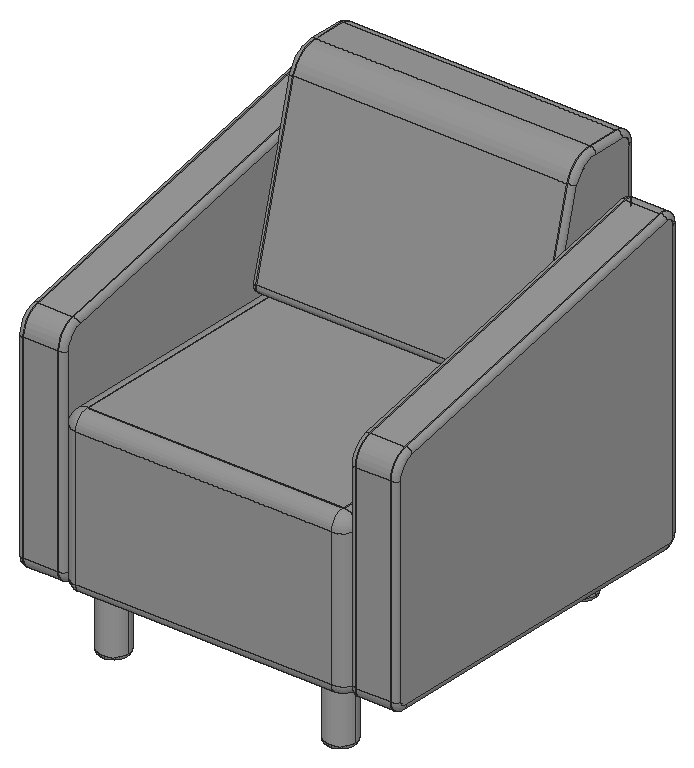
Revit family "7000CLR Single Chair Both Arms - Kids", category Generic Models, Revit 2018
Family settings
  Can host rebar = No
  Round Connector Dimension = Use Diameter
  Part Type = Normal
  Work Plane-Based = No
  Always vertical = Yes
  Cut with Voids When Loaded = No
  Shared = No
  Room Calculation Point = No
Parameters
  Top Fabric = 7000CLR Top Fabric
  Bottom Fabric = 7000CLR Bottom Fabric
  Arm Fabric = 7000CLR Arm Fabric
Reference planes (in)
  plane 1 "Center (Front/Back)": y = 0
  plane 2: z = 0
  plane 3 "Center (Left/Right)": x = 0
Forms (in)
  Extrusion 1, solid, material "7000CLR Bottom Fabric" <- "Bottom Fabric"
    sketch origin (0, 0, 0) x (1, 0, 0) y (0, 1, 0)
      loop
        arc (-8.72909, 11.25066) -> (-8.74388, 11.24454) -> (-8.75, 11.22975) r 0.02091
        line (-8.75, 11.22975) -> (-8.75, -11.22975)
        arc (-8.75, -11.22975) -> (-8.74426, -11.2436) -> (-8.73041, -11.24934) r 0.01959
        line (-8.73041, -11.24934) -> (8.73041, -11.24934)
        arc (8.73041, -11.24934) -> (8.74426, -11.2436) -> (8.75, -11.22975) r 0.01959
        line (8.75, -11.22975) -> (8.75, 11.22975)
        arc (8.75, 11.22975) -> (8.74388, 11.24454) -> (8.72909, 11.25066) r 0.02091
        line (8.72909, 11.25066) -> (-8.72909, 11.25066)
    from 4 to 15
  Sweep 2, solid, material "7000CLR Bottom Fabric" <- "Bottom Fabric"
    path origin (0, 0, 0) x (1, 0, 0) y (0, 1, 0)
      loop
        line (8.72909, 11.25066) -> (-8.72909, 11.25066)
        arc (-8.72909, 11.25066) -> (-8.74388, 11.24454) -> (-8.75, 11.22975) r 0.02091
        line (-8.75, 11.22975) -> (-8.75, -11.22975)
        arc (-8.75, -11.22975) -> (-8.74426, -11.2436) -> (-8.73041, -11.24934) r 0.01959
        line (-8.73041, -11.24934) -> (8.73041, -11.24934)
        arc (8.73041, -11.24934) -> (8.74426, -11.2436) -> (8.75, -11.22975) r 0.01959
        line (8.75, -11.22975) -> (8.75, 11.22975)
        arc (8.75, 11.22975) -> (8.74388, 11.24454) -> (8.72909, 11.25066) r 0.02091
    profile origin (0, 11.25066, 0) x (0, -1, 0) y (0, 0, 1)
      loop
        arc (0, 15) -> (-0.70711, 14.70711) -> (-1, 14) r 1
        line (-1, 14) -> (-1, 4.61745)
        arc (-1, 4.61745) -> (-0.85933, 4.22019) -> (-0.5, 4) r 0.63124
        line (-0.5, 4) -> (0, 4) -> (0, 15)
  Revolve 3, solid, material "7000C Frame"
    sketch origin (0, -10.24934, 0) x (1, 0, 0) y (0, 0, 1)
      loop
        line (-7.75, 4) -> (-7.75, 0) -> (-6.95, 0)
        arc (-6.95, 0) -> (-6.80858, 0.05858) -> (-6.75, 0.2) r 0.2
        line (-6.75, 0.2) -> (-6.75, 4) -> (-7.75, 4)
      axis (-7.75, 4) -> (-7.75, 0)
    angle from 0 to 360
  Revolve 4, solid, material "7000C Frame"
    sketch origin (0, -10.24934, 0) x (-1, 0, 0) y (0, 0, -1)
      loop
        line (-7.75, -4) -> (-6.75, -4) -> (-6.75, -0.2)
        arc (-6.75, -0.2) -> (-6.80858, -0.05858) -> (-6.95, 0) r 0.2
        line (-6.95, 0) -> (-7.75, 0) -> (-7.75, -4)
      axis (-7.75, -4) -> (-7.75, 0)
    angle from 0 to 360
  Revolve 5, solid, material "7000C Frame"
    sketch origin (0, 10.24934, 0) x (1, 0, 0) y (0, 0, -1)
      loop
        line (-7.75, -4) -> (-6.75, -4) -> (-6.75, -0.2)
        arc (-6.75, -0.2) -> (-6.80858, -0.05858) -> (-6.95, 0) r 0.2
        line (-6.95, 0) -> (-7.75, 0) -> (-7.75, -4)
      axis (-7.75, -4) -> (-7.75, 0)
    angle from 0 to 360
  Revolve 6, solid, material "7000C Frame"
    sketch origin (0, 10.24934, 0) x (-1, 0, 0) y (0, 0, 1)
      loop
        line (-7.75, 4) -> (-7.75, 0) -> (-6.95, 0)
        arc (-6.95, 0) -> (-6.80858, 0.05858) -> (-6.75, 0.2) r 0.2
        line (-6.75, 0.2) -> (-6.75, 4) -> (-7.75, 4)
      axis (-7.75, 4) -> (-7.75, 0)
    angle from 0 to 360
  Extrusion 7, solid, material "7000CLR Top Fabric" <- "Top Fabric"
    sketch origin (0, 0, 0) x (0, 1, 0) y (0, 0, 1)
      loop
        line (12.25066, 15.5) -> (12.25066, 27.5)
        arc (12.25066, 27.5) -> (11.95777, 28.20711) -> (11.25066, 28.5) r 1
        line (11.25066, 28.5) -> (8.98349, 28.5)
        arc (8.98349, 28.5) -> (7.77094, 28.09051) -> (7.05491, 27.02973) r 2
        line (7.05491, 27.02973) -> (3.92437, 15.63243)
        arc (3.92437, 15.63243) -> (4.00889, 15.19686) -> (4.40652, 15) r 0.5
        line (4.40652, 15) -> (11.75066, 15)
        arc (11.75066, 15) -> (12.10421, 15.14645) -> (12.25066, 15.5) r 0.5
    from -9.365 to 9.365
  Extrusion 8, solid, material "7000CLR Top Fabric" <- "Top Fabric"
    sketch origin (0, 0, 0) x (0, 1, 0) y (0, 0, 1)
      loop
        arc (11.75066, 15.4) -> (11.82137, 15.42929) -> (11.85066, 15.5) r 0.1
        line (11.85066, 15.5) -> (11.85066, 27.5)
        arc (11.85066, 27.5) -> (11.67492, 27.92426) -> (11.25066, 28.1) r 0.6
        line (11.25066, 28.1) -> (8.98349, 28.1)
        arc (8.98349, 28.1) -> (8.01345, 27.77241) -> (7.44063, 26.92378) r 1.6
        line (7.44063, 26.92378) -> (4.31009, 15.52649)
        arc (4.31009, 15.52649) -> (4.32699, 15.43937) -> (4.40652, 15.4) r 0.1
        line (4.40652, 15.4) -> (11.75066, 15.4)
    from -9.75 to -9.365
  Sweep 9, solid, material "7000CLR Top Fabric" <- "Top Fabric"
    path origin (0, 0, 0) x (0, 1, 0) y (0, 0, 1)
      loop
        line (11.85066, 15.5) -> (11.85066, 27.5)
        arc (11.85066, 27.5) -> (11.67492, 27.92426) -> (11.25066, 28.1) r 0.6
        line (11.25066, 28.1) -> (8.98349, 28.1)
        arc (8.98349, 28.1) -> (8.01345, 27.77241) -> (7.44063, 26.92378) r 1.6
        line (7.44063, 26.92378) -> (4.31009, 15.52649)
        arc (4.31009, 15.52649) -> (4.32699, 15.43937) -> (4.40652, 15.4) r 0.1
        line (4.40652, 15.4) -> (11.75066, 15.4)
        arc (11.75066, 15.4) -> (11.82137, 15.42929) -> (11.85066, 15.5) r 0.1
    profile origin (0, 11.85066, 21.5) x (0, -1, 0) y (1, 0, 0)
      loop
        arc (-0.4, -9.365) -> (-0.27759, -9.63811) -> (0, -9.75) r 0.40029
        line (0, -9.75) -> (0, -9.365) -> (-0.4, -9.365)
  Extrusion 10, solid, material "7000CLR Top Fabric" <- "Top Fabric"
    sketch origin (0, 0, 0) x (0, 1, 0) y (0, 0, -1)
      loop
        line (11.75066, -15.4) -> (4.40652, -15.4)
        arc (4.40652, -15.4) -> (4.32699, -15.43937) -> (4.31009, -15.52649) r 0.1
        line (4.31009, -15.52649) -> (7.44063, -26.92378)
        arc (7.44063, -26.92378) -> (8.01345, -27.77241) -> (8.98349, -28.1) r 1.6
        line (8.98349, -28.1) -> (11.25066, -28.1)
        arc (11.25066, -28.1) -> (11.67492, -27.92426) -> (11.85066, -27.5) r 0.6
        line (11.85066, -27.5) -> (11.85066, -15.5)
        arc (11.85066, -15.5) -> (11.82137, -15.42929) -> (11.75066, -15.4) r 0.1
    from -9.75 to -9.365
  Sweep 11, solid, material "7000CLR Top Fabric" <- "Top Fabric"
    path origin (0, 0, 0) x (0, 1, 0) y (0, 0, -1)
      loop
        arc (11.85066, -15.5) -> (11.82137, -15.42929) -> (11.75066, -15.4) r 0.1
        line (11.75066, -15.4) -> (4.40652, -15.4)
        arc (4.40652, -15.4) -> (4.32699, -15.43937) -> (4.31009, -15.52649) r 0.1
        line (4.31009, -15.52649) -> (7.44063, -26.92378)
        arc (7.44063, -26.92378) -> (8.01345, -27.77241) -> (8.98349, -28.1) r 1.6
        line (8.98349, -28.1) -> (11.25066, -28.1)
        arc (11.25066, -28.1) -> (11.67492, -27.92426) -> (11.85066, -27.5) r 0.6
        line (11.85066, -27.5) -> (11.85066, -15.5)
    profile origin (0, 11.85066, 21.5) x (0, 1, 0) y (-1, 0, 0)
      loop
        line (0.4, -9.365) -> (0, -9.365) -> (0, -9.75)
        arc (0, -9.75) -> (0.27759, -9.63811) -> (0.4, -9.365) r 0.40029
Dimensions and locks (in)
  aligned and locked: plane 2 to level
Nested families (in)
  nested 1: "Kids Arm" at (11.34716, 0, 0) x (-1, 0, 0) z (0, 0, 1), type "Kids Arm"
  nested 2: "Kids Arm" at (-11.34716, 0, 0), type "Kids Arm"
Definition of nested family "Kids Arm"
  Parameters (values of type "Kids Arm")
    Arm Fabric = none
  Reference planes (in)
    plane 1 "Center (Front/Back)": y = 0
    plane 2: z = 0
    plane 3 "Center (Left/Right)": x = 0
  Forms (in)
    Extrusion 1, solid, material <- "Arm Fabric"
      sketch origin (0, 0, 0) x (0, 1, 0) y (0, 0, 1)
        loop
          line (11.0306, 24.58996) -> (-10.73881, 19.87326)
          arc (-10.73881, 19.87326) -> (-11.64541, 19.31401) -> (-12, 18.30954) r 1.6
          line (-12, 18.30954) -> (-12, 4.8)
          arc (-12, 4.8) -> (-11.76569, 4.23431) -> (-11.2, 4) r 0.8
          line (-11.2, 4) -> (11.2, 4)
          arc (11.2, 4) -> (11.76569, 4.23431) -> (12, 4.8) r 0.8
          line (12, 4.8) -> (12, 23.8081)
          arc (12, 23.8081) -> (11.70223, 24.43081) -> (11.0306, 24.58996) r 0.8
      from -1.19716 to 1.19716
    Extrusion 2, solid, material <- "Arm Fabric"
      sketch origin (0, 0, 0) x (0, 1, 0) y (0, 0, 1)
        loop
          arc (-10.6541, 19.48233) -> (-11.33406, 19.06289) -> (-11.6, 18.30954) r 1.2
          line (-11.6, 18.30954) -> (-11.6, 4.8)
          arc (-11.6, 4.8) -> (-11.48284, 4.51716) -> (-11.2, 4.4) r 0.4
          line (-11.2, 4.4) -> (11.2, 4.4)
          arc (11.2, 4.4) -> (11.48284, 4.51716) -> (11.6, 4.8) r 0.4
          line (11.6, 4.8) -> (11.6, 23.8081)
          arc (11.6, 23.8081) -> (11.45112, 24.11946) -> (11.1153, 24.19903) r 0.4
          line (11.1153, 24.19903) -> (-10.6541, 19.48233)
      from -1.59716 to -1.19716
    Sweep 3, solid, material <- "Arm Fabric"
      path origin (0, 0, 0) x (0, 1, 0) y (0, 0, 1)
        loop
          line (11.6, 4.8) -> (11.6, 23.8081)
          arc (11.6, 23.8081) -> (11.45112, 24.11946) -> (11.1153, 24.19903) r 0.4
          line (11.1153, 24.19903) -> (-10.6541, 19.48233)
          arc (-10.6541, 19.48233) -> (-11.33406, 19.06289) -> (-11.6, 18.30954) r 1.2
          line (-11.6, 18.30954) -> (-11.6, 4.8)
          arc (-11.6, 4.8) -> (-11.48284, 4.51716) -> (-11.2, 4.4) r 0.4
          line (-11.2, 4.4) -> (11.2, 4.4)
          arc (11.2, 4.4) -> (11.48284, 4.51716) -> (11.6, 4.8) r 0.4
      profile origin (0, 11.6, 14.30405) x (0, -1, 0) y (1, 0, 0)
        loop
          line (0, -1.19716) -> (-0.4, -1.19716)
          arc (-0.4, -1.19716) -> (-0.28284, -1.48) -> (0, -1.59716) r 0.4
          line (0, -1.59716) -> (0, -1.19716)
    Extrusion 4, solid, material <- "Arm Fabric"
      sketch origin (0, 0, 0) x (0, 1, 0) y (0, 0, -1)
        loop
          line (-10.6541, -19.48233) -> (11.1153, -24.19903)
          arc (11.1153, -24.19903) -> (11.45112, -24.11946) -> (11.6, -23.8081) r 0.4
          line (11.6, -23.8081) -> (11.6, -4.8)
          arc (11.6, -4.8) -> (11.48284, -4.51716) -> (11.2, -4.4) r 0.4
          line (11.2, -4.4) -> (-11.2, -4.4)
          arc (-11.2, -4.4) -> (-11.48284, -4.51716) -> (-11.6, -4.8) r 0.4
          line (-11.6, -4.8) -> (-11.6, -18.30954)
          arc (-11.6, -18.30954) -> (-11.33406, -19.06289) -> (-10.6541, -19.48233) r 1.2
      from -1.59716 to -1.19716
    Sweep 5, solid, material <- "Arm Fabric"
      path origin (0, 0, 0) x (0, 1, 0) y (0, 0, -1)
        loop
          arc (11.6, -4.8) -> (11.48284, -4.51716) -> (11.2, -4.4) r 0.4
          line (11.2, -4.4) -> (-11.2, -4.4)
          arc (-11.2, -4.4) -> (-11.48284, -4.51716) -> (-11.6, -4.8) r 0.4
          line (-11.6, -4.8) -> (-11.6, -18.30954)
          arc (-11.6, -18.30954) -> (-11.33406, -19.06289) -> (-10.6541, -19.48233) r 1.2
          line (-10.6541, -19.48233) -> (11.1153, -24.19903)
          arc (11.1153, -24.19903) -> (11.45112, -24.11946) -> (11.6, -23.8081) r 0.4
          line (11.6, -23.8081) -> (11.6, -4.8)
      profile origin (0, 11.6, 14.30405) x (0, 1, 0) y (-1, 0, 0)
        loop
          line (0, -1.19716) -> (0, -1.59716)
          arc (0, -1.59716) -> (0.28284, -1.48) -> (0.4, -1.19716) r 0.4
          line (0.4, -1.19716) -> (0, -1.19716)
  Dimensions and locks (in)
    aligned and locked: plane 2 to level
